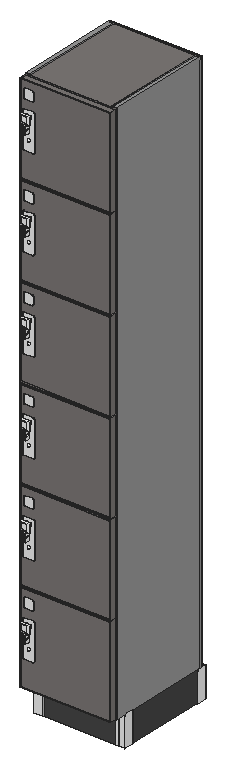
Revit family "Wood_Lockers_Hasps-Salsbury_Industries-46000_Series-1_Wide_Units", category Specialty Equipment, Revit 2022 (continued)
Definition of nested family "Wood Locker Flat Corner Fillers"
  Dimensions and locks (in)
    equal spacing: plane 6 "Front Side", plane 1 "Center (Front/Back)", plane 7 "Back Side"
    equal spacing: plane 5 "Left Side", plane 3 "Center (Left/Right)", plane 4 "Right Side"
    "Width": plane 5 "Left Side" to plane 4 "Right Side"
    "Depth": plane 6 "Front Side" to plane 7 "Back Side"
    "Height": plane 9 "Top Side" to plane 8 "Bottom"
    locked: plane 9 "Top Side" to plane 10 "Wood - Laminate Line" at 0.031
    locked: plane 6 "Front Side" to plane 12 at 3
    locked: plane 5 "Left Side" to plane 11 at 3
    plane 12 to plane 7 "Back Side" = 13.875"
    aligned and locked: level to plane 2
  Automatic sketch dimensions
    Extrusion 2 sketch curve to plane 5 "Left Side" = 0.000"
    plane 6 "Front Side" to Extrusion 2 sketch curve = 0.000"
    Extrusion 2 sketch curve to plane 11 = 0.000"
    Extrusion 2 sketch curve to plane 4 "Right Side" = 0.000"
    Extrusion 2 sketch curve to plane 12 = 0.000"
    plane 7 "Back Side" to Extrusion 2 sketch curve = 0.000"
    Extrusion 1 sketch curve to plane 5 "Left Side" = 0.000"
    plane 7 "Back Side" to Extrusion 1 sketch curve = 0.000"
    Extrusion 1 sketch curve to plane 12 = 0.000"
    Extrusion 1 sketch curve to plane 4 "Right Side" = 0.000"
    plane 6 "Front Side" to Extrusion 1 sketch curve = 0.000"
    Extrusion 1 sketch curve to plane 11 = 0.000"
Definition of nested family "Wood Locker Side Panels-No Slope"
  Parameters (values of type "44330 - 6' H for 15"D Lockers")
    Width = 14.625"
    Visible = yes
    Version = "1.0 (12/15/23)"
    Type Comments = "Side Panel for Premier Wood Lockers without Sloping Hood"
    Model = "44330"
    Manufacturer = "Salsbury Industries"
    Laminate Surface = none
    Height = 72.000"
    Door Trim = none
    Description = "6' H for 15\" D Lockers"
    Depth = 0.750"
    Default Elevation = 0.000"
  Types (6): name | Width | Visible | Version | Type Comments | Model | Manufacturer | Description
    (no name) | 14.625" | yes | "1.0 (12/15/23)" | "Side Panel for Premier Wood Lockers without Sloping Hood" | "44330" | "Salsbury Industries" | "6' H for 15\" D Lockers"
    44330 - 6' H for 15"D Lockers | 14.625" | yes | "1.0 (12/15/23)" | "Side Panel for Premier Wood Lockers without Sloping Hood" | "44330" | "Salsbury Industries" | "6' H for 15\" D Lockers"
    44333 - 6' H for 18" D Lockers | 17.625" | yes | "1.0 (12/15/23)" | "Side Panel for Premier Wood Lockers withouth Sloping Hood" | "44333" | "Salsbury Industries" | "6' H for 18\" D Lockers"
    44335 - 6' H for 21" D Lockers | 20.625" | yes | "1.0 (12/15/23)" | "Side Panel for Premier Wood Lockers without Sloping Hood" | "44335" | "Salsbury Industries" | "6' H for 21\" D Lockers"
    None | 14.000" | no | "" | "" | "" | "" | ""
    44237 - 6' H for 24" D Lockers | 23.625" | yes | "1.0 (12/15/23)" | "Side Panel for Premier Wood Lockers without Sloping Hood" | "44237" | "Salsbury Industries" | "6' H for 21\" D Lockers"
  Reference planes (in)
    plane 1 "Center (Front/Back)": y = 0
    plane 2: z = 0
    plane 3 "Center (Left/Right)": x = 0
    plane 4 "Back": y = 0.375
    plane 5 "Front": y = -0.375
    plane 6 "Left Side": x = -7.3125
    plane 7 "Right Side": x = 7.3125
    plane 8 "Bottom": z = 0
    plane 9 "Top": z = 72
    plane 10 "Center Elevation": z = 36
    plane 11 "Wood - Laminate Edge": y = -0.344
    plane 12 "Right Side of Wood": x = 7.2815
    plane 13 "Left Side of Wood": x = -7.2815
    plane 14 "Top of Wood": z = 71.969
    plane 15 "Bottom of Wood": z = 0.031
  Forms (in)
    Extrusion 1, solid, visible <- "Visible"
      sketch origin (0, 0.375, 0) x (1, 0, 0) y (0, 0, 1)
        loop
          line (7.2815, 71.969) -> (-7.2815, 71.969) -> (-7.2815, 0.031) -> (7.2815, 0.031) -> (7.2815, 71.969)
      from 0 to 0.719
    Extrusion 2, solid, material <- "Laminate Surface", visible <- "Visible"
      sketch origin (0, -0.375, 0) x (1, 0, 0) y (0, 0, 1)
        loop
          line (-7.3125, 72) -> (-7.3125, 0) -> (7.3125, 0) -> (7.3125, 72) -> (-7.3125, 72)
      from -0.031 to 0
    Extrusion 3, solid, material <- "Laminate Surface", visible <- "Visible"
      sketch origin (0, 0, 0) x (1, 0, 0) y (0, 0, 1)
        loop
          line (-7.3125, 0) -> (7.3125, 0) -> (7.3125, 72) -> (-7.3125, 72) -> (-7.3125, 0)
        loop
          line (-7.2815, 0.031) -> (7.2815, 0.031) -> (7.2815, 71.969) -> (-7.2815, 71.969) -> (-7.2815, 0.031)
      from -0.375 to 0.344
  Dimensions and locks (in)
    equal spacing: plane 6 "Left Side", plane 3 "Center (Left/Right)", plane 7 "Right Side"
    plane 5 "Front" to plane 1 "Center (Front/Back)" to plane 4 "Back" = 0.375", 0.375"
    "Width": plane 6 "Left Side" to plane 7 "Right Side"
    "Depth": plane 5 "Front" to plane 4 "Back"
    equal spacing: plane 9 "Top", plane 10 "Center Elevation", plane 8 "Bottom"
    "Height": plane 9 "Top" to plane 8 "Bottom"
    locked: plane 5 "Front" to plane 11 "Wood - Laminate Edge" at 0.031
    locked: plane 15 "Bottom of Wood" to plane 8 "Bottom" at 0.031
    locked: plane 12 "Right Side of Wood" to plane 7 "Right Side" at 0.031
    locked: plane 6 "Left Side" to plane 13 "Left Side of Wood" at 0.031
    locked: plane 9 "Top" to plane 14 "Top of Wood" at 0.031
    aligned and locked: level to plane 2
    aligned and locked: Extrusion 2 sketch curve to plane 7 "Right Side"
    aligned and locked: plane 8 "Bottom" to Extrusion 2 sketch curve
    aligned and locked: plane 6 "Left Side" to Extrusion 2 sketch curve
    aligned and locked: plane 9 "Top" to Extrusion 2 sketch curve
    aligned and locked: Extrusion 3 to plane 4 "Back"
    aligned and locked: plane 11 "Wood - Laminate Edge" to Extrusion 3
  Automatic sketch dimensions
    plane 13 "Left Side of Wood" to Extrusion 1 sketch curve = 0.000"
    plane 12 "Right Side of Wood" to Extrusion 1 sketch curve = 0.000"
    Extrusion 1 sketch curve to plane 15 "Bottom of Wood" = 0.000"
    Extrusion 1 sketch curve to plane 14 "Top of Wood" = 0.000"
    plane 13 "Left Side of Wood" to Extrusion 3 sketch curve = 0.000"
    Extrusion 3 sketch curve to level = 0.000"
    plane 13 "Left Side of Wood" to Extrusion 3 sketch curve = 0.031"
    plane 12 "Right Side of Wood" to Extrusion 3 sketch curve = 0.000"
    plane 7 "Right Side" to Extrusion 3 sketch curve = 0.000"
    Extrusion 3 sketch curve to plane 15 "Bottom of Wood" = 0.000"
    Extrusion 3 sketch curve to plane 14 "Top of Wood" = 0.000"
    Extrusion 3 sketch curve to plane 9 "Top" = 0.000"
Definition of nested family "Wood Locker Side Panels-With Slope"
  Parameters (values of type "33339 - 6' H for 15" D Lockers")
    Width = 14.000"
    Visible = yes
    Version = "1.0 (2/29/16)"
    Type Comments = "Side Panel for Designer Wood Lockers with Sloping Hood"
    Slope Height = 5.233"
    Model = "33339"
    Manufacturer = "Salsbury Industries"
    Laminate Surface = none
    Height = 72.164"
    Door Trim = none
    Description = "6' H for 15\" D Lockers"
    Depth = 0.750"
    Default Elevation = 0.000"
  Types (11): name | Width | Visible | Version | Type Comments | Slope Height | Model | Manufacturer | Height | Description
    (no name) | 14.000" | yes | "1.0 (2/29/16)" | "Side Panel for Designer Wood Lockers with Sloping Hood" | 5.233" | "33339" | "Salsbury Industries" | 72.164" | "6' H for 15\" D Lockers"
    33334 - 6' H  for 18" D Lockers | 17.000" | yes | "1.0 (2/29/16)" | "Side Panel for Designer Wood Lockers with Sloping Hood" | 6.358" | "33334" | "Salsbury Industries" | 72.153" | "6' H for 18\" D Lockers"
    33336 - 6' H for 21" D Lockers | 20.000" | yes | "1.0 (2/29/16)" | "Side Panel for Designer Wood Lockers with Sloping Hood" | 7.483" | "33336" | "Salsbury Industries" | 72.153" | "6' H for 21\" D Lockers"
    22238 - 6' H for 24" D Lockers | 23.000" | yes | "1.0 (2/29/16)" | "Side Panel for Extra Wide Designer Wood Lockers with Sloping Hood" | 8.608" | "22238" | "Salsbury Industries" | 72.153" | "6' H for 24\" D Lockers"
    33309 - 5' H for 15" D Lockers | 14.000" | yes | "1.0 (2/29/16)" | "Side Panel for Designer Wood Lockers with Sloping Hood" | 5.233" | "33309" | "Salsbury Industries" | 60.153" | "5' H for 15\" D Lockers"
    33304 - 5' H for 18" D Lockers | 17.000" | yes | "1.0 (2/29/16)" | "Side Panel for Designer Wood Lockers with Sloping Hood" | 6.358" | "33304" | "Salsbury Industries" | 60.153" | "5' H for 18\" D Lockers"
    33306 - 5' H for 21" D Lockers | 20.000" | yes | "1.0 (2/29/16)" | "Side Panel for Designer Wood Lockers with Sloping Hood" | 7.483" | "33306" | "Salsbury Industries" | 60.153" | "5' H for 21\" D Lockers"
    None | 14.000" | no | "" | "" | 5.500" | "" | "" | 72.000" | ""
    33339 - 6' H for 15" D Lockers | 14.000" | yes | "1.0 (2/29/16)" | "Side Panel for Designer Wood Lockers with Sloping Hood" | 5.233" | "33339" | "Salsbury Industries" | 72.164" | "6' H for 15\" D Lockers"
    22234 - 6' H for 18" D Lockers | 17.000" | yes | "1.0 (2/29/16)" | "Side Panel for Extra Wide Designer Wood Lockers with Sloping Hood" | 6.358" | "22234" | "Salsbury Industries" | 72.153" | "6' H for 18\" D Lockers"
    22236 - 6' H for 21" D Lockers | 20.000" | yes | "1.0 (2/29/16)" | "Side Panel for Extra Wide Designer Wood Lockers with Sloping Hood" | 7.483" | "22236" | "Salsbury Industries" | 72.153" | "6' H for 21\" D Lockers"
  Reference planes (in)
    plane 1 "Center (Front/Back)": y = 0
    plane 2: z = 0
    plane 3 "Center (Left/Right)": x = 0
    plane 4 "Back": y = 0.375
    plane 5 "Front": y = -0.375
    plane 6 "Left Side": x = -7
    plane 7 "Right Side": x = 7
    plane 8 "Bottom": z = 0
    plane 9 "Top": z = 72.164
    plane 10 "Center Elevation": z = 36.082
    plane 11 "Wood - Laminate Edge": y = -0.344
    plane 12 "Right Side of Wood": x = 6.875
    plane 13 "Left Side of Wood": x = -6.875
    plane 14 "Top of Wood": z = 72.039
    plane 15 "Bottom of Wood": z = 0.125
    plane 16: z = 77.397
    plane 17: z = 77.272
  Forms (in)
    Extrusion 1, solid, visible <- "Visible"
      sketch origin (0, 0.375, 0) x (1, 0, 0) y (0, 0, 1)
        loop
          arc (-6.875, 0.25) -> (-6.83839, 0.16161) -> (-6.75, 0.125) r 0.125
          line (-6.75, 0.125) -> (6.75, 0.125)
          arc (6.75, 0.125) -> (6.83839, 0.16161) -> (6.875, 0.25) r 0.125
          line (6.875, 0.25) -> (6.875, 71.914)
          arc (6.875, 71.914) -> (6.86548, 71.96184) -> (6.83839, 72.00239) r 0.125
          line (6.83839, 72.00239) -> (-6.70276, 77.26273)
          arc (-6.70276, 77.26273) -> (-6.81971, 77.25075) -> (-6.875, 77.147) r 0.125
          line (-6.875, 77.147) -> (-6.875, 0.25)
      from 0 to 0.719
    Extrusion 2, solid, material <- "Laminate Surface", visible <- "Visible"
      sketch origin (0, -0.375, 0) x (1, 0, 0) y (0, 0, 1)
        loop
          arc (-6.875, 0.25) -> (-6.83839, 0.16161) -> (-6.75, 0.125) r 0.125
          line (-6.75, 0.125) -> (6.75, 0.125)
          arc (6.75, 0.125) -> (6.83839, 0.16161) -> (6.875, 0.25) r 0.125
          line (6.875, 0.25) -> (6.875, 71.914)
          arc (6.875, 71.914) -> (6.86548, 71.96184) -> (6.83839, 72.00239) r 0.125
          line (6.83839, 72.00239) -> (-6.70276, 77.26273)
          arc (-6.70276, 77.26273) -> (-6.81971, 77.25075) -> (-6.875, 77.147) r 0.125
          line (-6.875, 77.147) -> (-6.875, 0.25)
      from -0.031 to 0
    Sweep 3, solid, material <- "Door Trim", visible <- "Visible"
      path origin (0, -0.375, 0) x (1, 0, 0) y (0, 0, 1)
        loop
          line (-6.875, 77.147) -> (-6.875, 0.25)
          arc (-6.875, 0.25) -> (-6.83839, 0.16161) -> (-6.75, 0.125) r 0.125
          line (-6.75, 0.125) -> (6.75, 0.125)
          arc (6.75, 0.125) -> (6.83839, 0.16161) -> (6.875, 0.25) r 0.125
          line (6.875, 0.25) -> (6.875, 71.914)
          arc (6.875, 71.914) -> (6.86548, 71.96184) -> (6.83839, 72.00239) r 0.125
          line (6.83839, 72.00239) -> (-6.70276, 77.26273)
          arc (-6.70276, 77.26273) -> (-6.81971, 77.25075) -> (-6.875, 77.147) r 0.125
      profile origin (-6.81971, -0.375, 77.25075) x (-0.557711, 0, 0.830035) y (0, -1, 0)
        loop
          line (0, 0) -> (0, -0.75) -> (0.125, -0.75) -> (0.125, 0) -> (0, 0)
  Dimensions and locks (in)
    equal spacing: plane 6 "Left Side", plane 3 "Center (Left/Right)", plane 7 "Right Side"
    plane 5 "Front" to plane 1 "Center (Front/Back)" to plane 4 "Back" = 0.375", 0.375"
    "Width": plane 6 "Left Side" to plane 7 "Right Side"
    "Depth": plane 5 "Front" to plane 4 "Back"
    equal spacing: plane 9 "Top", plane 10 "Center Elevation", plane 8 "Bottom"
    "Height": plane 9 "Top" to plane 8 "Bottom"
    locked: plane 5 "Front" to plane 11 "Wood - Laminate Edge" at 0.031
    locked: plane 15 "Bottom of Wood" to plane 8 "Bottom" at 0.125
    locked: plane 12 "Right Side of Wood" to plane 7 "Right Side" at 0.125
    locked: plane 6 "Left Side" to plane 13 "Left Side of Wood" at 0.125
    locked: plane 9 "Top" to plane 14 "Top of Wood" at 0.125
    "Slope Height": plane 16 to plane 9 "Top"
    locked: plane 16 to plane 17 at 0.125
    aligned and locked: level to plane 2
  Automatic sketch dimensions
    Sweep 3 sketch curve to profile plane = 0.000"
    plane 5 "Front" to Sweep 3 sketch curve = 0.000"
    Sweep 3 sketch curve to Sweep 3 sketch curve = 0.125"  (x3)
    Sweep 3 sketch curve to plane 5 "Front" = 0.750"
    Sweep 3 sketch curve to plane 13 "Left Side of Wood" = 0.000"
    Sweep 3 sketch curve to plane 15 "Bottom of Wood" = 0.000"
    plane 12 "Right Side of Wood" to Sweep 3 sketch curve = 0.000"
    Sweep 3 sketch curve to plane 13 "Left Side of Wood" = 0.125"  (x2)
    plane 17 to Sweep 3 sketch curve = 0.00927"
    Sweep 3 sketch curve to Sweep 3 sketch curve = 0.04724"
    plane 14 "Top of Wood" to Sweep 3 sketch curve = 0.125"
    plane 12 "Right Side of Wood" to Sweep 3 sketch curve = 0.03661"
    plane 13 "Left Side of Wood" to Extrusion 2 sketch curve = 0.000"
    Extrusion 2 sketch curve to plane 15 "Bottom of Wood" = 0.000"
    plane 12 "Right Side of Wood" to Extrusion 2 sketch curve = 0.000"
    Extrusion 2 sketch curve to plane 13 "Left Side of Wood" = 0.125"  (x2)
    plane 17 to Extrusion 2 sketch curve = 0.00927"
    Extrusion 2 sketch curve to Extrusion 2 sketch curve = 0.04724"
    Extrusion 2 sketch curve to Extrusion 2 sketch curve = 0.125"  (x2)
    plane 12 "Right Side of Wood" to Extrusion 2 sketch curve = 0.03661"
    plane 14 "Top of Wood" to Extrusion 2 sketch curve = 0.125"
    plane 13 "Left Side of Wood" to Extrusion 1 sketch curve = 0.000"
    Extrusion 1 sketch curve to plane 15 "Bottom of Wood" = 0.000"
    plane 12 "Right Side of Wood" to Extrusion 1 sketch curve = 0.000"
    Extrusion 1 sketch curve to plane 13 "Left Side of Wood" = 0.125"  (x2)
    plane 17 to Extrusion 1 sketch curve = 0.00927"
    Extrusion 1 sketch curve to Extrusion 1 sketch curve = 0.04724"
    plane 12 "Right Side of Wood" to Extrusion 1 sketch curve = 0.125"
    Extrusion 1 sketch curve to Extrusion 1 sketch curve = 0.125"
    plane 12 "Right Side of Wood" to Extrusion 1 sketch curve = 0.03661"
    plane 14 "Top of Wood" to Extrusion 1 sketch curve = 0.125"
Definition of nested family "Wood Locker Double Side Panels-No Slope"
  Parameters (values of type "44330DE - 6' H for 15"D Lockers")
    Width = 29.250"
    Visible = yes
    Version = "1.0 (12/15/23)"
    Type Comments = "Double End Panel for Premier Wood Lockers"
    Model = "44330DE"
    Manufacturer = "Salsbury Industries"
    Laminate Surface = none
    Height = 72.000"
    Door Trim = none
    Description = "For 6' H x 15\" D without Sloping Hood"
    Depth = 0.750"
    Default Elevation = 0.000"
  Types (6): name | Width | Visible | Version | Type Comments | Model | Manufacturer | Description
    (no name) | 29.250" | yes | "1.0 (12/15/23)" | "Double End Panel for Premier Wood Lockers" | "44330DE" | "Salsbury Industries" | "For 6' H x 15\" D without Sloping Hood"
    44330DE - 6' H for 15"D Lockers | 29.250" | yes | "1.0 (12/15/23)" | "Double End Panel for Premier Wood Lockers" | "44330DE" | "Salsbury Industries" | "For 6' H x 15\" D without Sloping Hood"
    44333DE - 6' H for 18" D Lockers | 35.250" | yes | "1.0 (12/15/23)" | "Double End Panel for Premier Wood Lockers" | "44333DE" | "Salsbury Industries" | "For 6' H x 18\" D without Sloping Hood"
    44335DE - 6' H for 21" D Lockers | 41.250" | yes | "1.0 (12/15/23)" | "Double End Panel for Premier Wood Lockers" | "44335DE" | "Salsbury Industries" | "For 6' H x 21\" D without Sloping Hood"
    None | 14.000" | no | "" | "" | "" | "" | ""
    44237DE - 6' H for 24" D Lockers | 47.250" | yes | "1.0 (12/15/23)" | "Double End Panel for Premier Wood Lockers" | "44237DE" | "Salsbury Industries" | "For 6' H x 21\" D without Sloping Hood"
  Reference planes (in)
    plane 1 "Center (Front/Back)": y = 0
    plane 2: z = 0
    plane 3 "Center (Left/Right)": x = 0
    plane 4 "Back": y = 0.375
    plane 5 "Front": y = -0.375
    plane 6 "Left Side": x = -14.625
    plane 7 "Right Side": x = 14.625
    plane 8 "Bottom": z = 0
    plane 9 "Top": z = 72
    plane 10 "Center Elevation": z = 36
    plane 11 "Wood - Laminate Edge": y = -0.344
    plane 12 "Right Side of Wood": x = 14.594
    plane 13 "Left Side of Wood": x = -14.594
    plane 14 "Top of Wood": z = 71.969
    plane 15 "Bottom of Wood": z = 0.031
  Forms (in)
    Extrusion 1, solid, visible <- "Visible"
      sketch origin (0, 0.375, 0) x (1, 0, 0) y (0, 0, 1)
        loop
          line (14.594, 71.969) -> (-14.594, 71.969) -> (-14.594, 0.031) -> (14.594, 0.031) -> (14.594, 71.969)
      from 0 to 0.719
    Extrusion 2, solid, material <- "Laminate Surface", visible <- "Visible"
      sketch origin (0, -0.375, 0) x (1, 0, 0) y (0, 0, 1)
        loop
          line (-14.625, 72) -> (-14.625, 0) -> (14.625, 0) -> (14.625, 72) -> (-14.625, 72)
      from -0.031 to 0
    Extrusion 3, solid, material <- "Laminate Surface", visible <- "Visible"
      sketch origin (0, 0, 0) x (1, 0, 0) y (0, 0, 1)
        loop
          line (-14.625, 0) -> (14.625, 0) -> (14.625, 72) -> (-14.625, 72) -> (-14.625, 0)
        loop
          line (14.594, 71.969) -> (-14.594, 71.969) -> (-14.594, 0.031) -> (14.594, 0.031) -> (14.594, 71.969)
      from -0.375 to 0.344
  Dimensions and locks (in)
    equal spacing: plane 6 "Left Side", plane 3 "Center (Left/Right)", plane 7 "Right Side"
    plane 5 "Front" to plane 1 "Center (Front/Back)" to plane 4 "Back" = 0.375", 0.375"
    "Width": plane 6 "Left Side" to plane 7 "Right Side"
    "Depth": plane 5 "Front" to plane 4 "Back"
    equal spacing: plane 9 "Top", plane 10 "Center Elevation", plane 8 "Bottom"
    "Height": plane 9 "Top" to plane 8 "Bottom"
    locked: plane 5 "Front" to plane 11 "Wood - Laminate Edge" at 0.031
    locked: plane 15 "Bottom of Wood" to plane 8 "Bottom" at 0.031
    plane 12 "Right Side of Wood" to plane 7 "Right Side" = 0.031"
    locked: plane 6 "Left Side" to plane 13 "Left Side of Wood" at 0.031
    locked: plane 9 "Top" to plane 14 "Top of Wood" at 0.031
    aligned and locked: level to plane 2
    aligned and locked: plane 8 "Bottom" to Extrusion 2 sketch curve
    aligned and locked: plane 6 "Left Side" to Extrusion 2 sketch curve
    aligned and locked: Extrusion 2 sketch curve to plane 7 "Right Side"
    aligned and locked: plane 9 "Top" to Extrusion 2 sketch curve
    aligned and locked: Extrusion 3 to plane 4 "Back"
    aligned and locked: plane 11 "Wood - Laminate Edge" to Extrusion 3
  Automatic sketch dimensions
    plane 13 "Left Side of Wood" to Extrusion 1 sketch curve = 0.000"
    plane 12 "Right Side of Wood" to Extrusion 1 sketch curve = 0.000"
    Extrusion 1 sketch curve to plane 15 "Bottom of Wood" = 0.000"
    Extrusion 1 sketch curve to plane 14 "Top of Wood" = 0.000"
    Extrusion 3 sketch curve to level = 0.000"
    plane 6 "Left Side" to Extrusion 3 sketch curve = 0.000"
    plane 7 "Right Side" to Extrusion 3 sketch curve = 0.000"
    Extrusion 3 sketch curve to plane 9 "Top" = 0.000"
    plane 13 "Left Side of Wood" to Extrusion 3 sketch curve = 0.000"
    Extrusion 3 sketch curve to plane 15 "Bottom of Wood" = 0.000"
    Extrusion 3 sketch curve to plane 14 "Top of Wood" = 0.000"
    plane 12 "Right Side of Wood" to Extrusion 3 sketch curve = 0.000"
Definition of nested family "Wood Locker Double Side Panels-With Slope"
  Parameters (values of type "44339DE - 6' H for 15"D Lockers")
    Width = 29.250"
    Visible = yes
    Version = "1.0 (12/15/23)"
    Type Comments = "Double End Panel for Premier Wood Lockers"
    Slope Height = 5.681"
    Model = "44339DE"
    Manufacturer = "Salsbury Industries"
    Laminate Surface = none
    Height = 72.062"
    Door Trim = none
    Description = "For 6' H x 15\" D Lockers with Sloping Hood"
    Depth = 0.750"
    Default Elevation = 0.000"
  Types (6): name | Width | Visible | Version | Type Comments | Slope Height | Model | Manufacturer | Height | Description
    (no name) | 29.250" | yes | "1.0 (12/15/23)" | "Double End Panel for Premier Wood Lockers" | 5.681" | "44339DE" | "Salsbury Industries" | 72.062" | "For 6' H x 15\" D Lockers with Sloping Hood"
    44339DE - 6' H for 15"D Lockers | 29.250" | yes | "1.0 (12/15/23)" | "Double End Panel for Premier Wood Lockers" | 5.681" | "44339DE" | "Salsbury Industries" | 72.062" | "For 6' H x 15\" D Lockers with Sloping Hood"
    44334DE - 6' H  for 18" D Lockers | 35.250" | yes | "1.0 (12/15/23)" | "Double End Panel for Premier Wood Lockers" | 6.806" | "44334DE" | "Salsbury Industries" | 72.062" | "For 6' H x 18\" D Lockers with Sloping Hood"
    44336DE - 6' H for 21" D Lockers | 41.250" | yes | "1.0 (12/15/23)" | "Double End Panel for Premier Wood Lockers" | 7.931" | "44336DE" | "Salsbury Industries" | 72.062" | "For 6' H x 21\" D Lockers with Sloping Hood"
    None | 14.000" | no | "" | "" | 5.500" | "" | "" | 72.000" | ""
    44238DE - 6' H for 24" D Lockers | 47.250" | yes | "1.0 (12/15/23)" | "Double End Panel for Premier Wood Lockers" | 8.895" | "442386DE" | "Salsbury Industries" | 72.153" | "For 6' H x 21\" D Lockers with Sloping Hood"
  Reference planes (in)
    plane 1 "Center (Front/Back)": y = 0
    plane 2: z = 0
    plane 3 "Center (Left/Right)": x = 0
    plane 4 "Back": y = 0.375
    plane 5 "Front": y = -0.375
    plane 6 "Left Side": x = -14.625
    plane 7 "Right Side": x = 14.625
    plane 8 "Bottom": z = 0
    plane 9 "Top": z = 72.062
    plane 10 "Center Elevation": z = 36.031
    plane 11 "Wood - Laminate Edge": y = -0.344
    plane 12 "Right Side of Wood": x = 14.594
    plane 13 "Left Side of Wood": x = -14.594
    plane 14 "Top of Wood": z = 71.937
    plane 15 "Bottom of Wood": z = 0.125
    plane 16: z = 77.743
    plane 17: z = 77.712
  Forms (in)
    Extrusion 1, solid, visible <- "Visible"
      sketch origin (0, 0.375, 0) x (1, 0, 0) y (0, 0, 1)
        loop
          line (14.594, 72.031) -> (0, 77.712) -> (-14.594, 72.031) -> (-14.594, 0) -> (14.594, 0) -> (14.594, 72.031)
      from 0 to 0.719
    Extrusion 2, solid, material <- "Laminate Surface", visible <- "Visible"
      sketch origin (0, -0.375, 0) x (1, 0, 0) y (0, 0, 1)
        loop
          line (14.625, 0) -> (14.625, 72.062) -> (0, 77.743) -> (-14.625, 72.062) -> (-14.625, 0) -> (14.625, 0)
      from -0.031 to 0
    Extrusion 3, solid, material <- "Laminate Surface", visible <- "Visible"
      sketch origin (0, 0.375, 0) x (1, 0, 0) y (0, 0, 1)
        loop
          line (14.625, 0) -> (14.625, 72.062) -> (0, 77.743) -> (-14.625, 72.062) -> (-14.625, 0) -> (-14.594, 0) -> (-14.594, 72.031) -> (0, 77.712) -> (14.594, 72.031) -> (14.594, 0) -> (14.625, 0)
      from 0 to 0.719
  Dimensions and locks (in)
    equal spacing: plane 6 "Left Side", plane 3 "Center (Left/Right)", plane 7 "Right Side"
    plane 5 "Front" to plane 1 "Center (Front/Back)" to plane 4 "Back" = 0.375", 0.375"
    "Width": plane 6 "Left Side" to plane 7 "Right Side"
    "Depth": plane 5 "Front" to plane 4 "Back"
    equal spacing: plane 9 "Top", plane 10 "Center Elevation", plane 8 "Bottom"
    "Height": plane 9 "Top" to plane 8 "Bottom"
    locked: plane 5 "Front" to plane 11 "Wood - Laminate Edge" at 0.031
    locked: plane 15 "Bottom of Wood" to plane 8 "Bottom" at 0.125
    locked: plane 12 "Right Side of Wood" to plane 7 "Right Side" at 0.031
    locked: plane 6 "Left Side" to plane 13 "Left Side of Wood" at 0.031
    locked: plane 9 "Top" to plane 14 "Top of Wood" at 0.125
    "Slope Height": plane 16 to plane 9 "Top"
    locked: plane 16 to plane 17 at 0.031
    aligned and locked: level to plane 2
    aligned and locked: Extrusion 3 to plane 4 "Back"
    aligned and locked: plane 11 "Wood - Laminate Edge" to Extrusion 3
  Automatic sketch dimensions
    plane 6 "Left Side" to Extrusion 2 sketch curve = 0.000"
    Extrusion 2 sketch curve to plane 3 "Center (Left/Right)" = 0.000"
    plane 7 "Right Side" to Extrusion 2 sketch curve = 0.000"
    Extrusion 2 sketch curve to level = 0.000"
    Extrusion 2 sketch curve to plane 9 "Top" = 0.000"  (x2)
    Extrusion 2 sketch curve to plane 16 = 0.000"
    Extrusion 1 sketch curve to level = 0.000"
    plane 13 "Left Side of Wood" to Extrusion 1 sketch curve = 0.000"
    Extrusion 1 sketch curve to plane 3 "Center (Left/Right)" = 0.000"
    plane 12 "Right Side of Wood" to Extrusion 1 sketch curve = 0.000"
    Extrusion 1 sketch curve to plane 17 = 0.000"
    plane 9 "Top" to Extrusion 1 sketch curve = 0.031"  (x2)
    Extrusion 3 sketch curve to level = 0.000"  (x2)
    plane 6 "Left Side" to Extrusion 3 sketch curve = 0.000"
    plane 13 "Left Side of Wood" to Extrusion 3 sketch curve = 0.000"
    Extrusion 3 sketch curve to plane 3 "Center (Left/Right)" = 0.000"  (x2)
    plane 12 "Right Side of Wood" to Extrusion 3 sketch curve = 0.000"
    plane 7 "Right Side" to Extrusion 3 sketch curve = 0.000"
    Extrusion 3 sketch curve to plane 9 "Top" = 0.000"  (x2)
    plane 9 "Top" to Extrusion 3 sketch curve = 0.031"  (x2)
    Extrusion 3 sketch curve to plane 17 = 0.000"
    Extrusion 3 sketch curve to plane 16 = 0.000"
Definition of nested family "Wood Locker Front Fillers"
  Parameters (values of type "44469 - 9" W for 6' H Lockers without Base")
    Width = 9.000"
    Visible Base = no
    Visible = yes
    Version = "1.0 (1/31/24)"
    Type Comments = "Front Vertical Filler for Premier Wood Lockers"
    Model = "44469"
    Manufacturer = "Salsbury Industries"
    Laminate Surface = none
    Height = 72.000"
    Description = "For 6' H Lockers"
    Depth = 0.750"
    Default Elevation = 0.000"
    Base Height = 0.000"
  Types (6): name | Width | Visible Base | Visible | Version | Type Comments | Model | Manufacturer | Description | Base Height
    (no name) | 9.000" | no | yes | "1.0 (1/31/24)" | "Front Vertical Filler for Premier Wood Lockers" | "44469" | "Salsbury Industries" | "For 6' H Lockers" | 0.000"
    44467 - 15"W for 6' H Lockers with Base | 15.000" | yes | yes | "1.0 (01/31/24)" | "Front Vertical Filler for Premier Wood Lockers" | "444367" | "Salsbury Industries" | "For 6' H Lockers" | 4.000"
    None | 15.000" | no | no | "" | "" | "" | "" | "" | 4.000"
    44469 - 9" W for 6' H Lockers with Base | 9.000" | yes | yes | "1.0 (01/31/24)" | "Front Vertical Filler for Premier Wood Lockers" | "44469" | "Salsbury Industries" | "For 6' H Lockers" | 4.000"
    44467 - 15" W for 6'H Lockers without Base | 15.000" | no | yes | "1.0 (01/31/24)" | "Front Vertical Filler for Premier Wood Lockers" | "44467" | "Salsbury Industries" | "For 6' H Lockers" | 0.000"
    44469 - 9" W for 6' H Lockers without Base | 9.000" | no | yes | "1.0 (1/31/24)" | "Front Vertical Filler for Premier Wood Lockers" | "44469" | "Salsbury Industries" | "For 6' H Lockers" | 0.000"
  Reference planes (in)
    plane 1 "Center (Front/Back)": y = 0
    plane 2: z = 0
    plane 3 "Center (Left/Right)": x = 0
    plane 4 "Back": y = 0.375
    plane 5 "Front": y = -0.375
    plane 6 "Left Side": x = -4.5
    plane 7 "Right Side": x = 4.5
    plane 8 "Bottom": z = 0
    plane 9 "Top": z = 72
    plane 10 "Center Elevation": z = 36
    plane 11 "Wood - Laminate Edge": y = -0.344
    plane 12 "Right Side of Wood": x = 4.375
    plane 13 "Left Side of Wood": x = -4.375
    plane 14 "Top of Wood": z = 71.875
    plane 15 "Bottom of Wood": z = 0.125
    plane 16 "Front of Base Filler": y = 1
  Forms (in)
    Extrusion 1, solid, visible <- "Visible"
      sketch origin (0, 0.375, 0) x (1, 0, 0) y (0, 0, 1)
        loop
          line (4.5, 72) -> (-4.5, 72) -> (-4.5, 0) -> (4.5, 0) -> (4.5, 72)
      from 0 to 0.719
    Extrusion 2, solid, material <- "Laminate Surface", visible <- "Visible"
      sketch origin (0, -0.375, 0) x (1, 0, 0) y (0, 0, 1)
        loop
          line (-4.5, 72) -> (-4.5, 0) -> (4.5, 0) -> (4.5, 72) -> (-4.5, 72)
      from -0.031 to 0
    Extrusion 3, solid, visible <- "Visible Base"
      sketch origin (0, 0, 0) x (1, 0, 0) y (0, 1, 0)
        loop
          line (-4.5, 1.75) -> (-4.5, 0.375) -> (4.5, 0.375) -> (4.5, 1.75) -> (-4.5, 1.75)
      from 0 to 0.75
    Extrusion 4, solid, visible <- "Visible Base"
      sketch origin (0, 0, 0) x (1, 0, 0) y (0, 1, 0)
        loop
          line (-4.5, 1.75) -> (-4.5, 1) -> (4.5, 1) -> (4.5, 1.75) -> (-4.5, 1.75)
      from 0 to -4
  Dimensions and locks (in)
    equal spacing: plane 6 "Left Side", plane 3 "Center (Left/Right)", plane 7 "Right Side"
    plane 5 "Front" to plane 1 "Center (Front/Back)" to plane 4 "Back" = 0.375", 0.375"
    "Width": plane 6 "Left Side" to plane 7 "Right Side"
    "Depth": plane 5 "Front" to plane 4 "Back"
    equal spacing: plane 9 "Top", plane 10 "Center Elevation", plane 8 "Bottom"
    locked: plane 5 "Front" to plane 11 "Wood - Laminate Edge" at 0.031
    locked: plane 15 "Bottom of Wood" to plane 8 "Bottom" at 0.125
    locked: plane 12 "Right Side of Wood" to plane 7 "Right Side" at 0.125
    locked: plane 6 "Left Side" to plane 13 "Left Side of Wood" at 0.125
    locked: plane 9 "Top" to plane 14 "Top of Wood" at 0.125
    locked: plane 5 "Front" to plane 16 "Front of Base Filler" at 1.375
    "Base Height": plane 8 "Bottom" to plane 2
    "Height": plane 9 "Top" to plane 8 "Bottom"
    aligned and locked: level to plane 2
    aligned and locked: plane 8 "Bottom" to Extrusion 1
  Automatic sketch dimensions
    plane 6 "Left Side" to Extrusion 1 sketch curve = 0.000"
    plane 7 "Right Side" to Extrusion 1 sketch curve = 0.000"
    level to Extrusion 1 sketch curve = 0.000"
    Extrusion 1 sketch curve to plane 9 "Top" = 0.000"
    plane 6 "Left Side" to Extrusion 2 sketch curve = 0.000"
    plane 7 "Right Side" to Extrusion 2 sketch curve = 0.000"
    plane 15 "Bottom of Wood" to Extrusion 2 sketch curve = 0.125"
    Extrusion 2 sketch curve to plane 9 "Top" = 0.000"
    plane 4 "Back" to Extrusion 3 sketch curve = 0.000"
    Extrusion 3 sketch curve to plane 6 "Left Side" = 0.000"
    Extrusion 3 sketch curve to plane 7 "Right Side" = 0.000"
    Extrusion 3 sketch curve to plane 16 "Front of Base Filler" = 0.750"
    Extrusion 4 sketch curve to plane 6 "Left Side" = 0.000"
    Extrusion 4 sketch curve to plane 7 "Right Side" = 0.000"
    plane 16 "Front of Base Filler" to Extrusion 4 sketch curve = 0.000"
    Extrusion 4 sketch curve to plane 16 "Front of Base Filler" = 0.750"
Definition of nested family "Wood Locker Front Corner Filler"
  Parameters (values of type "44464 - for 6' H Lockers with Base")
    Width = 2.250"
    Visible Base = yes
    Visible = yes
    Version = "1.0 (12/15/23)"
    Type Comments = "Front Vertical Corner Filler for Designer Wood Lockers"
    Primary Structure Materials = none
    Model = "44464"
    Manufacturer = "Salsbury Industries"
    Laminate Surface = none
    Height = 72.000"
    Description = "For 6' H Lockers"
    Depth = 0.750"
    Default Elevation = 0.000"
    Base Primary Materials = none
    Base Height = 4.000"
  Types (3): name | Visible Base | Visible | Version | Type Comments | Model | Manufacturer | Description | Base Height
    None | no | no | "" | "" | "" | "" | "" | 4.000"
    44464 - for 6'H Lockers without Base | no | yes | "1.0 (12/15/23)" | "Front Vertical Corner Filler for Designer Wood Lockers" | "44464" | "Salsbury Industries" | "For 6' H Lockers" | 0.000"
    44464 - for 6' H Lockers with Base | yes | yes | "1.0 (12/15/23)" | "Front Vertical Corner Filler for Designer Wood Lockers" | "44464" | "Salsbury Industries" | "For 6' H Lockers" | 4.000"
  Reference planes (in)
    plane 1 "Center (Front/Back)": y = 0
    plane 2 "Bottom of Base": z = 0
    plane 3 "Center (Left/Right)": x = 0
    plane 4 "Back": y = 0.375
    plane 5 "Front": y = -0.375
    plane 6 "Left Side": x = -1.125
    plane 7 "Right Side": x = 1.125
    plane 8 "Bottom": z = 4
    plane 9 "Top": z = 76
    plane 10 "Center Elevation": z = 40
    plane 11 "Wood - Laminate Edge": y = -0.344
    plane 12 "Right Side of Wood": x = 1
    plane 13 "Left Side of Wood": x = -1
    plane 14 "Top of Wood": z = 75.875
    plane 15 "Bottom of Wood": z = 4.125
    plane 16 "Front of Base Filler": y = 1
  Forms (in)
    Extrusion 1, solid, material <- "Primary Structure Materials", visible <- "Visible"
      sketch origin (0, 0.375, 0) x (1, 0, 0) y (0, 0, 1)
        loop
          line (1.125, 76) -> (-1.156, 76) -> (-1.156, 4) -> (1.125, 4) -> (1.125, 76)
      from 0 to 0.719
    Extrusion 2, solid, material <- "Laminate Surface", visible <- "Visible"
      sketch origin (0, -0.375, 0) x (1, 0, 0) y (0, 0, 1)
        loop
          line (-1.125, 76) -> (-1.125, 4) -> (1.125, 4) -> (1.125, 76) -> (-1.125, 76)
      from -0.031 to 0
    Extrusion 3, solid, material <- "Primary Structure Materials", visible <- "Visible"
      sketch origin (-1.875, -1.5, 0) x (0, 1, 0) y (0, 0, 1)
        loop
          line (1.875, 76) -> (-1.125, 76) -> (-1.125, 4) -> (1.875, 4) -> (1.875, 76)
      from 0 to 0.719
    Extrusion 4, solid, material <- "Laminate Surface", visible <- "Visible"
      sketch origin (-1.125, -1.5, 0) x (0, 1, 0) y (0, 0, 1)
        loop
          line (-1.125, 76) -> (-1.125, 4) -> (1.156, 4) -> (1.156, 76) -> (-1.125, 76)
      from -0.031 to 0
    Extrusion 5, solid, material <- "Base Primary Materials", visible <- "Visible Base"
      sketch origin (0, 0, 0) x (1, 0, 0) y (0, 1, 0)
        loop
          line (-3.25, 1.75) -> (-3.25, -2.625) -> (-1.875, -2.625) -> (-1.875, 1.75) -> (-3.25, 1.75)
      from 4 to 4.75
    Extrusion 6, solid, material <- "Base Primary Materials", visible <- "Visible Base"
      sketch origin (0, 0, 0) x (1, 0, 0) y (0, 1, 0)
        loop
          line (-1.875, 1.75) -> (-1.875, 0.375) -> (1.125, 0.375) -> (1.125, 1.75) -> (-1.875, 1.75)
      from 4 to 4.75
    Extrusion 7, solid, material <- "Base Primary Materials", visible <- "Visible Base"
      sketch origin (0, 0, 0) x (1, 0, 0) y (0, 1, 0)
        loop
          line (1.125, 1.75) -> (-2.43407, 1.75) -> (-2.43407, 1) -> (1.125, 1) -> (1.125, 1.75)
      from 0 to 4
    Extrusion 8, solid, material <- "Base Primary Materials", visible <- "Visible Base"
      sketch origin (0, 0, 0) x (1, 0, 0) y (0, 1, 0)
        loop
          line (-3.25, 1.75) -> (-3.25, -2.625) -> (-2.43407, -2.625) -> (-2.43407, 1.75) -> (-3.25, 1.75)
      from 0 to 4
  Dimensions and locks (in)
    equal spacing: plane 6 "Left Side", plane 3 "Center (Left/Right)", plane 7 "Right Side"
    plane 5 "Front" to plane 1 "Center (Front/Back)" to plane 4 "Back" = 0.375", 0.375"
    "Width": plane 6 "Left Side" to plane 7 "Right Side"
    "Depth": plane 5 "Front" to plane 4 "Back"
    equal spacing: plane 9 "Top", plane 10 "Center Elevation", plane 8 "Bottom"
    "Height": plane 9 "Top" to plane 8 "Bottom"
    locked: plane 5 "Front" to plane 11 "Wood - Laminate Edge" at 0.031
    locked: plane 15 "Bottom of Wood" to plane 8 "Bottom" at 0.125
    locked: plane 12 "Right Side of Wood" to plane 7 "Right Side" at 0.125
    locked: plane 6 "Left Side" to plane 13 "Left Side of Wood" at 0.125
    locked: plane 9 "Top" to plane 14 "Top of Wood" at 0.125
    locked: plane 5 "Front" to plane 16 "Front of Base Filler" at 1.375
    "Base Height": plane 8 "Bottom" to plane 2 "Bottom of Base"
    aligned and locked: level to plane 2 "Bottom of Base"
    aligned and locked: plane 8 "Bottom" to Extrusion 1
    aligned and locked: Extrusion 7 to Extrusion 5
    aligned and locked: Extrusion 8 to Extrusion 5
    aligned and locked: Extrusion 7 to Extrusion 8
  Automatic sketch dimensions
    Extrusion 1 sketch curve to plane 9 "Top" = 0.000"
    Extrusion 1 sketch curve to plane 8 "Bottom" = 0.000"
    plane 7 "Right Side" to Extrusion 1 sketch curve = 0.000"
    plane 6 "Left Side" to Extrusion 1 sketch curve = 0.031"
    plane 6 "Left Side" to Extrusion 2 sketch curve = 0.000"
    plane 7 "Right Side" to Extrusion 2 sketch curve = 0.000"
    Extrusion 2 sketch curve to plane 8 "Bottom" = 0.000"
    Extrusion 2 sketch curve to plane 9 "Top" = 0.000"
    plane 9 "Top" to Extrusion 3 sketch curve = 0.000"
    plane 8 "Bottom" to Extrusion 3 sketch curve = 0.000"
    Extrusion 3 sketch curve to plane 4 "Back" = 0.000"
    plane 5 "Front" to Extrusion 3 sketch curve = 2.250"
    plane 8 "Bottom" to Extrusion 4 sketch curve = 0.000"
    plane 9 "Top" to Extrusion 4 sketch curve = 0.000"
    Extrusion 4 sketch curve to plane 11 "Wood - Laminate Edge" = 0.000"
    plane 5 "Front" to Extrusion 4 sketch curve = 2.250"
    plane 6 "Left Side" to Extrusion 5 sketch curve = 2.125"
    plane 6 "Left Side" to Extrusion 5 sketch curve = 0.750"
    plane 5 "Front" to Extrusion 5 sketch curve = 2.250"
    Extrusion 5 sketch curve to plane 16 "Front of Base Filler" = 0.750"
    plane 16 "Front of Base Filler" to Extrusion 7 sketch curve = 0.000"
    Extrusion 7 sketch curve to plane 7 "Right Side" = 0.000"
    plane 6 "Left Side" to Extrusion 7 sketch curve = 1.30907"
    Extrusion 7 sketch curve to plane 16 "Front of Base Filler" = 0.750"
    plane 6 "Left Side" to Extrusion 8 sketch curve = 2.125"
    Extrusion 8 sketch curve to Extrusion 8 sketch curve = 0.81593"
    plane 5 "Front" to Extrusion 8 sketch curve = 2.250"
    Extrusion 8 sketch curve to plane 16 "Front of Base Filler" = 0.750"
    plane 4 "Back" to Extrusion 6 sketch curve = 0.000"
    Extrusion 6 sketch curve to plane 7 "Right Side" = 0.000"
    plane 6 "Left Side" to Extrusion 6 sketch curve = 0.750"
    Extrusion 6 sketch curve to plane 16 "Front of Base Filler" = 0.750"
Definition of nested family "Wood Locker Sloping In-Line Fillers"
  Parameters (values of type "44481 - 15" W for 21" D Lockers")
    Width = 15.000"
    Visible = yes
    Version = "1.0 (12/15/23)"
    Type Comments = "Sloping Hood In-Line Filler for Premier Wood Lockers"
    Model = "44481"
    Manufacturer = "Salsbury Industries"
    Laminate Surface = none
    Height = 7.993"
    Description = "For 21\" D Lockers"
    Depth = 20.625"
    Default Elevation = 0.000"
  Types (10): name | Width | Visible | Version | Type Comments | Model | Manufacturer | Height | Description | Depth
    (no name) | 15.000" | yes | "1.0 (12/15/23)" | "Sloping Hood In-Line Filler for Premier Wood Lockers" | "44481" | "Salsbury Industries" | 7.993" | "For 21\" D Lockers" | 20.625"
    44487 - 15" W for 15" D Lockers | 15.000" | yes | "1.0 (12/15/23)" | "Sloping Hood In-Line Filler for Premier Wood Lockers" | "44487" | "Salsbury Industries" | 5.743" | "For 15\" D Lockers" | 14.625"
    44488 - 15" W for 18" D Lockers | 15.000" | yes | "1.0 (12/15/23)" | "Sloping Hood In-Line Filler for Premier Wood Lockers" | "44488" | "Salsbury Industries" | 6.868" | "For 18\" D Lockers" | 17.625"
    44481 - 15" W for 21" D Lockers | 15.000" | yes | "1.0 (12/15/23)" | "Sloping Hood In-Line Filler for Premier Wood Lockers" | "44481" | "Salsbury Industries" | 7.993" | "For 21\" D Lockers" | 20.625"
    None | 12.000" | no | "" | "" | "" | "" | 5.500" | "" | 14.000"
    44489 - 15" W for 24" D Lockers | 15.000" | yes | "1.0 (12/15/23)" | "Sloping Hood In-Line Filler for Premier Wood Lockers" | "44489" | "Salsbury Industries" | 8.875" | "For 24\" D Lockers" | 23.000"
    44488 - 9" W for 18" D Lockers | 9.000" | yes | "1.0 (12/15/23)" | "Sloping Hood In-Line Filler for Premier Wood Lockers" | "44488" | "Salsbury Industries" | 6.868" | "For 18\" D Lockers" | 17.625"
    44487 - 9" W for 15" D Lockers | 9.000" | yes | "1.0 (12/15/23)" | "Sloping Hood In-Line Filler for Premier Wood Lockers" | "44487" | "Salsbury Industries" | 5.743" | "For 15\" D Lockers" | 14.625"
    44481 - 9" W for 21" D Lockers | 9.000" | yes | "1.0 (12/15/23)" | "Sloping Hood In-Line Filler for Premier Wood Lockers" | "44481" | "Salsbury Industries" | 7.750" | "For 21\" D Lockers" | 20.000"
    44489 - 9" W for 24" D Lockers | 9.000" | yes | "1.0 (12/15/23)" | "Sloping Hood In-Line Filler for Premier Wood Lockers" | "44489" | "Salsbury Industries" | 8.875" | "For 24\" D Lockers" | 23.000"
  Reference planes (in)
    plane 1 "Center (Front/Back)": y = 0
    plane 2: z = 0
    plane 3 "Center (Left/Right)": x = 0
    plane 4 "Front of Hood": y = -10.3125
    plane 5 "Back of Hood": y = 10.3125
    plane 6 "Right Side of Hood": x = 7.5
    plane 7 "Left Side of Hood": x = -7.5
    plane 8 "Bottom of Hood": z = 0
    plane 9 "Top of Hood": z = 7.993
    plane 10: x = 6.75
    plane 11: x = -6.75
    plane 12: y = -10.2815
    plane 13: y = -9.5625
    plane 14: z = 7.962
    plane 15: z = 7.243
    plane 16: z = 0.062
    plane 17: z = 0.75
  Forms (in)
    Extrusion 1, solid, visible <- "Visible"
      sketch origin (0, 0, 0) x (0, 1, 0) y (0, 0, 1)
        loop
          line (-8.47273, 0) -> (10.3125, 7.243) -> (10.3125, 7.962) -> (-10.23269, 0.062) -> (-10.2815, 0.062) -> (-10.2815, 0) -> (-8.47273, 0)
      from -7.5 to 7.5
    Extrusion 2, solid, material <- "Laminate Surface", visible <- "Visible"
      sketch origin (0, 0, 0) x (0, 1, 0) y (0, 0, 1)
        loop
          line (-10.3125, 0.062) -> (-10.3125, 0) -> (-10.2815, 0) -> (-10.2815, 0.062) -> (-10.3125, 0.062)
      from -7.5 to 7.5
    Extrusion 3, solid, material <- "Laminate Surface", visible <- "Visible"
      sketch origin (0, 0, 0) x (0, 1, 0) y (0, 0, 1)
        loop
          line (10.3125, 7.993) -> (-10.3125, 0.062) -> (-10.23269, 0.062) -> (10.3125, 7.962) -> (10.3125, 7.993)
      from -7.5 to 7.5
  Dimensions and locks (in)
    equal spacing: plane 7 "Left Side of Hood", plane 3 "Center (Left/Right)", plane 6 "Right Side of Hood"
    "Width": plane 7 "Left Side of Hood" to plane 6 "Right Side of Hood"
    equal spacing: plane 4 "Front of Hood", plane 1 "Center (Front/Back)", plane 5 "Back of Hood"
    "Depth": plane 4 "Front of Hood" to plane 5 "Back of Hood"
    "Height": plane 9 "Top of Hood" to plane 8 "Bottom of Hood"
    plane 7 "Left Side of Hood" to plane 11 = 0.750"
    plane 10 to plane 6 "Right Side of Hood" = 0.750"
    plane 4 "Front of Hood" to plane 12 to plane 13 = 0.031" locked, 0.719" locked
    plane 15 to plane 14 to plane 9 "Top of Hood" = 0.719" locked, 0.031" locked
    locked: plane 16 to plane 8 "Bottom of Hood" at 0.062
    locked: plane 17 to plane 8 "Bottom of Hood" at 0.75
    aligned and locked: level to plane 2
    aligned and locked: Extrusion 1 to plane 6 "Right Side of Hood"
    aligned and locked: plane 7 "Left Side of Hood" to Extrusion 1
    aligned and locked: plane 7 "Left Side of Hood" to Extrusion 3
    aligned and locked: Extrusion 3 to plane 6 "Right Side of Hood"
    aligned and locked: Extrusion 2 to plane 6 "Right Side of Hood"
    aligned and locked: plane 7 "Left Side of Hood" to Extrusion 2
  Automatic sketch dimensions
    Extrusion 2 sketch curve to level = 0.000"
    Extrusion 2 sketch curve to plane 4 "Front of Hood" = 0.000"
    Extrusion 2 sketch curve to plane 12 = 0.000"
    plane 16 to Extrusion 2 sketch curve = 0.000"
    Extrusion 3 sketch curve to plane 4 "Front of Hood" = 0.000"
    plane 16 to Extrusion 3 sketch curve = 0.000"
    Extrusion 3 sketch curve to plane 5 "Back of Hood" = 0.000"
    plane 14 to Extrusion 3 sketch curve = 0.000"
    plane 9 "Top of Hood" to Extrusion 3 sketch curve = 0.000"
    Extrusion 3 sketch curve to plane 12 = 0.04881"
    Extrusion 1 sketch curve to level = 0.000"
    Extrusion 1 sketch curve to plane 12 = 0.000"
    plane 16 to Extrusion 1 sketch curve = 0.000"
    Extrusion 1 sketch curve to plane 5 "Back of Hood" = 0.000"
    plane 15 to Extrusion 1 sketch curve = 0.000"
    plane 14 to Extrusion 1 sketch curve = 0.000"
    Extrusion 1 sketch curve to plane 13 = 1.08977"
    Extrusion 1 sketch curve to plane 12 = 0.04881"
Definition of nested family "Wood Locker Flat In-Line Fillers"
  Parameters (values of type "44447 - 15" W for 15" D Lockers")
    Width = 15.000"
    Visible = yes
    Version = "1.0 (12/15/23)"
    Type Comments = "Flat Top In-Line Filler for Premier Wood Lockers"
    Model = "44447"
    Manufacturer = "Salsbury Industries"
    Laminate Surface = none
    Height = 0.750"
    Description = "For 15\" D Lockers"
    Depth = 13.250"
    Default Elevation = 0.000"
  Types (10): name | Width | Visible | Version | Type Comments | Model | Manufacturer | Description | Depth
    (no name) | 15.000" | yes | "1.0 (12/15/23)" | "Flat Top In-Line Filler for Premier Wood Lockers" | "44447" | "Salsbury Industries" | "For 15\" D Lockers" | 13.250"
    44447 - 15" W for 15" D Lockers | 15.000" | yes | "1.0 (12/15/23)" | "Flat Top In-Line Filler for Premier Wood Lockers" | "44447" | "Salsbury Industries" | "For 15\" D Lockers" | 13.250"
    44448 - 15" W for 18" D Lockers | 15.000" | yes | "1.0 (12/15/23)" | "Flat Top In-Line Filler for Premier Wood Lockers" | "44448" | "Salsbury Industries" | "For 18\" D Lockers" | 16.250"
    44441 - 15" W for 21" D Lockers | 15.000" | yes | "1.0 (12/15/23)" | "Flat Top In-Line Filler for Premier Wood Lockers" | "44441" | "Salsbury Industries" | "For 21\" D Lockers" | 19.250"
    None | 15.000" | no | "" | "" | "" | "" | "" | 13.250"
    44448 - 9" W for 18" D Lockers | 9.000" | yes | "1.0 (12/15/23)" | "Flat Top In-Line Filler for Premier Wood Lockers" | "44448" | "Salsbury Industries" | "For 18\" D Lockers" | 16.250"
    44447 - 9" W for 15" D Lockers | 9.000" | yes | "1.0 (12/15/23)" | "Flat Top In-Line Filler for Premier Wood Lockers" | "44447" | "Salsbury Industries" | "For 15\" D Lockers" | 13.250"
    44441 - 9" W for 21" D Lockers | 9.000" | yes | "1.0 (12/15/23)" | "Flat Top In-Line Filler for Premier Wood Lockers" | "44441" | "Salsbury Industries" | "For 21\" D Lockers" | 19.250"
    44449 - 15" W for 24" D Lockers | 15.000" | yes | "1.0 (12/15/23)" | "Flat Top In-Line Filler for Premier Wood Lockers" | "44449" | "Salsbury Industries" | "For 24\" D Lockers" | 22.250"
    44449 - 9" W for 24" D Lockers | 9.000" | yes | "1.0 (12/15/23)" | "Flat Top In-Line Filler for Premier Wood Lockers" | "44449" | "Salsbury Industries" | "For 24\" D Lockers" | 22.250"
  Reference planes (in)
    plane 1 "Center (Front/Back)": y = 0
    plane 2: z = 0
    plane 3 "Center (Left/Right)": x = 0
    plane 4 "Right Side": x = 7.5
    plane 5 "Left Side": x = -7.5
    plane 6 "Front Side": y = -6.625
    plane 7 "Back Side": y = 6.625
    plane 8 "Bottom": z = 0
    plane 9 "Top Side": z = 0.75
    plane 10 "Wood - Laminate Line": z = 0.719
  Forms (in)
    Extrusion 1, solid, visible <- "Visible"
      sketch origin (0, 0, 0) x (0, -1, 0) y (1, 0, 0)
        loop
          line (-6.625, -7.5) -> (6.625, -7.5) -> (6.625, 7.5) -> (-6.625, 7.5) -> (-6.625, -7.5)
      from 0 to 0.719
    Extrusion 2, solid, material <- "Laminate Surface", visible <- "Visible"
      sketch origin (0, 0, 0.75) x (1, 0, 0) y (0, 1, 0)
        loop
          line (-7.5, -6.625) -> (7.5, -6.625) -> (7.5, 6.625) -> (-7.5, 6.625) -> (-7.5, -6.625)
      from -0.031 to 0
  Dimensions and locks (in)
    equal spacing: plane 6 "Front Side", plane 1 "Center (Front/Back)", plane 7 "Back Side"
    equal spacing: plane 5 "Left Side", plane 3 "Center (Left/Right)", plane 4 "Right Side"
    "Width": plane 5 "Left Side" to plane 4 "Right Side"
    "Depth": plane 6 "Front Side" to plane 7 "Back Side"
    "Height": plane 9 "Top Side" to plane 8 "Bottom"
    locked: plane 9 "Top Side" to plane 10 "Wood - Laminate Line" at 0.031
    aligned and locked: level to plane 2
  Automatic sketch dimensions
    Extrusion 1 sketch curve to plane 4 "Right Side" = 0.000"
    plane 7 "Back Side" to Extrusion 1 sketch curve = 0.000"
    Extrusion 1 sketch curve to plane 5 "Left Side" = 0.000"
    plane 6 "Front Side" to Extrusion 1 sketch curve = 0.000"
    Extrusion 2 sketch curve to plane 5 "Left Side" = 0.000"
    plane 4 "Right Side" to Extrusion 2 sketch curve = 0.000"
    plane 6 "Front Side" to Extrusion 2 sketch curve = 0.000"
    Extrusion 2 sketch curve to plane 7 "Back Side" = 0.000"
Definition of nested family "Wood Locker Fascia Fillers"
  Parameters (values of type "44462 - for 3-Wide Units")
    Width = 36.000"
    Visible = yes
    Type Comments = "Front Fascia Filler for Premier Wood Lockers"
    Model = "44462"
    Manufacturer = "Salsbury Industries"
    Laminate Surface = none
    Height = 4.000"
    Description = "4' W for Standard Designer Lockers"
    Depth = 0.750"
    Default Elevation = 0.000"
  Types (4): name | Width | Visible | Type Comments | Model | Manufacturer | Description
    (no name) | 36.000" | yes | "Front Fascia Filler for Premier Wood Lockers" | "44462" | "Salsbury Industries" | "4' W for Standard Designer Lockers"
    44462 - for 1-Wide Units | 12.000" | yes | "Front Fascia Filler for Premier Wood Lockers" | "44462" | "Salsbury Industries" | "4' W for Standard Designer Lockers"
    None | 12.000" | no | "" | "" | "" | ""
    44462 - for 3-Wide Units | 36.000" | yes | "Front Fascia Filler for Premier Wood Lockers" | "44462" | "Salsbury Industries" | "4' W for Standard Designer Lockers"
  Reference planes (in)
    plane 1 "Center (Front/Back)": y = 0
    plane 2: z = 0
    plane 3 "Center (Left/Right)": x = 0
    plane 4 "Back": y = 0.375
    plane 5 "Front": y = -0.375
    plane 6 "Left Side": x = -18
    plane 7 "Right Side": x = 18
    plane 8 "Bottom": z = 0
    plane 9 "Top": z = 4
    plane 10 "Center Elevation": z = 2
    plane 11 "Wood - Laminate Edge": y = -0.344
    plane 12 "Right Side of Wood": x = 17.875
    plane 13 "Left Side of Wood": x = -17.875
    plane 14 "Top of Wood": z = 3.875
    plane 15 "Bottom of Wood": z = 0.125
    plane 16 "Base Bottom": z = 0
    plane 17 "Front of Base Filler": y = 1
  Forms (in)
    Extrusion 1, solid, visible <- "Visible"
      sketch origin (0, 0.375, 0) x (1, 0, 0) y (0, 0, 1)
        loop
          line (18, 4) -> (-18, 4) -> (-18, 0) -> (18, 0) -> (18, 4)
      from 0 to 0.719
    Extrusion 2, solid, material <- "Laminate Surface", visible <- "Visible"
      sketch origin (0, -0.375, 0) x (1, 0, 0) y (0, 0, 1)
        loop
          line (-18, 4) -> (-18, 0) -> (18, 0) -> (18, 4) -> (-18, 4)
      from -0.031 to 0
  Dimensions and locks (in)
    equal spacing: plane 6 "Left Side", plane 3 "Center (Left/Right)", plane 7 "Right Side"
    plane 5 "Front" to plane 1 "Center (Front/Back)" to plane 4 "Back" = 0.375", 0.375"
    "Width": plane 6 "Left Side" to plane 7 "Right Side"
    "Depth": plane 5 "Front" to plane 4 "Back"
    equal spacing: plane 9 "Top", plane 10 "Center Elevation", plane 8 "Bottom"
    "Height": plane 9 "Top" to plane 8 "Bottom"
    locked: plane 5 "Front" to plane 11 "Wood - Laminate Edge" at 0.031
    locked: plane 15 "Bottom of Wood" to plane 8 "Bottom" at 0.125
    locked: plane 12 "Right Side of Wood" to plane 7 "Right Side" at 0.125
    locked: plane 6 "Left Side" to plane 13 "Left Side of Wood" at 0.125
    locked: plane 9 "Top" to plane 14 "Top of Wood" at 0.125
    locked: plane 5 "Front" to plane 17 "Front of Base Filler" at 1.375
    aligned and locked: level to plane 2
    aligned and locked: Extrusion 1 to plane 8 "Bottom"
  Automatic sketch dimensions
    plane 6 "Left Side" to Extrusion 1 sketch curve = 0.000"
    plane 7 "Right Side" to Extrusion 1 sketch curve = 0.000"
    level to Extrusion 1 sketch curve = 0.000"
    Extrusion 1 sketch curve to plane 9 "Top" = 0.000"
    plane 6 "Left Side" to Extrusion 2 sketch curve = 0.000"
    plane 7 "Right Side" to Extrusion 2 sketch curve = 0.000"
    plane 15 "Bottom of Wood" to Extrusion 2 sketch curve = 0.125"
    Extrusion 2 sketch curve to plane 9 "Top" = 0.000"
Types (7): name | Version | Unit Height including Sloping Hood Only | Unit Height including Base Only | Sloping Hood Height | Overall Unit Height including Base and Sloping Hood | Model | Flat Top In-Line Filler - Right Side | Description | Depth | Compartment Depth | Base Height | Base Depth | Base
  (no name) | "1.0 (01/31/24)" | 77.743" | 76.000" | 5.743" | 81.743" | "46165" | Wood Locker Flat In-Line Fillers : None | "1 Wide - 6 Feet High - 15 inches Deep - with Base" | 15.000" | 13.750" | 4.000" | 13.250" | Wood Locker Bases : Base - 12" W x 15" D Lockers
  46165 | "1.0 (01/31/24)" | 77.743" | 76.000" | 5.743" | 81.743" | "46165" | Wood Locker Flat In-Line Fillers : None | "1 Wide - 6 Feet High - 15 inches Deep - with Base" | 15.000" | 13.750" | 4.000" | 13.250" | Wood Locker Bases : Base - 12" W x 15" D Lockers
  46165 - without Base | "1.0  (01/31/24)" | 77.743" | 72.000" | 5.743" | 77.743" | "46165 without Base" | Wood Locker Sloping In-Line Fillers : None | "1 Wide - 6 Feet High - 15 inches Deep - without Base" | 15.000" | 13.750" | 0.000" | 13.250" | Wood Locker Bases : None
  46168 | "1.0 (01/31/24)" | 78.868" | 76.000" | 6.868" | 82.868" | "46168" | Wood Locker Sloping In-Line Fillers : None | "1 Wide - 6 Feet High - 18 inches Deep - with Base" | 18.000" | 16.750" | 4.000" | 16.250" | Wood Locker Bases : Base - 12" W x 18" D Lockers
  46168 - without Base | "1.0 (01/31/24)" | 78.868" | 72.000" | 6.868" | 78.868" | "46168 without Base" | Wood Locker Sloping In-Line Fillers : None | "1 Wide - 6 Feet High - 18 inches Deep - without Base" | 18.000" | 16.750" | 0.000" | 16.250" | Wood Locker Bases : None
  46161 | "1.0 (01/31/24)" | 79.993" | 76.000" | 7.993" | 83.993" | "46161" | Wood Locker Sloping In-Line Fillers : None | "1 Wide - 6 Feet High - 21 inches Deep - with Base" | 21.000" | 19.750" | 4.000" | 19.250" | Wood Locker Bases : Base - 12" W x 21" D Lockers
  46161 - without Base | "1.0 (01/31/24)" | 79.993" | 72.000" | 7.993" | 79.993" | "46161 without Base" | Wood Locker Sloping In-Line Fillers : None | "1 Wide - 6 Feet High - 21 inches Deep - without Base" | 21.000" | 19.750" | 0.000" | 19.250" | Wood Locker Bases : None
